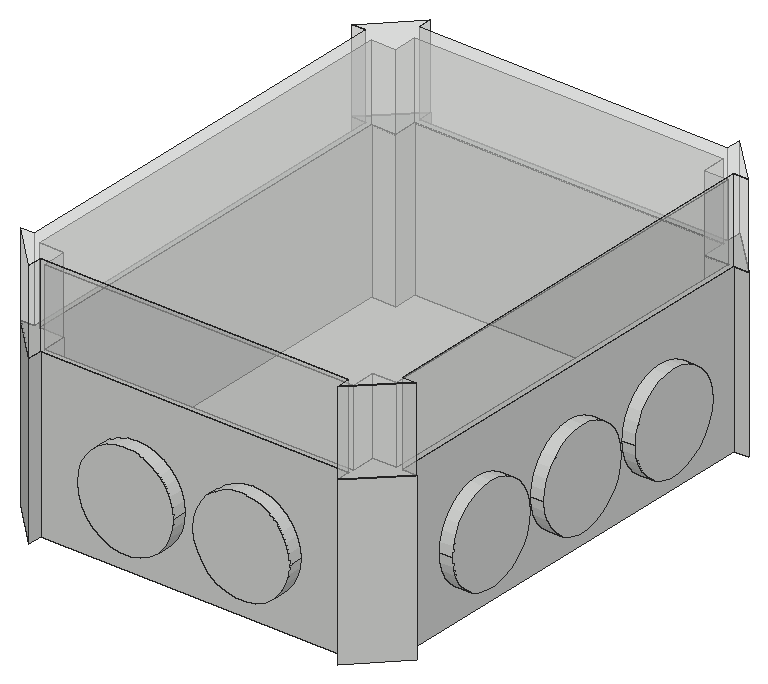
Revit family "PV Systemlösung Typ 1+2 für WR mit 1 MPP-Tracker", category Generic Models, Revit 2015
Parameters (values of type "VG-V25-BC3-PH900")
  Width = 150 mm
  URL = "http://www.obo-bettermann.com"
  Material 3 = OBO TPE
  Material 2 = PC
  Material = OBO PP
  Manufacturer Art.No. = "5088591"
  Manufacturer = "OBO Bettermann"
  Length = 190 mm
  Height 1 = 62.5 mm
  Height = 94 mm
  GTIN = "4012196423170"
  Diameter 1 = 30 mm
  Diameter = 36.4 mm
  Article Type = "VG-V25-BC3-PH900"
Reference planes
  plane 1 "Center (Front/Back)": y = 0
  plane 2: z = 0
  plane 3 "Center (Left/Right)": x = 0
  plane 4: z = 62.5
  plane 5: z = 94
  plane 6: y = -95
  plane 7: y = 95
  plane 8: x = 75
  plane 9: x = -75
  plane 10: z = 4.1
  plane 11: z = 91.3
Forms (mm)
  Extrusion 1, solid, material "OBO PP" <- "Material"
    sketch origin (0, 0, 0) x (1, 0, 0) y (0, 1, 0)
      loop
        line (-75, 78.4) -> (-69.6, 78.4) -> (-69.6, -78.4) -> (-75, -78.4) -> (-58.4, -95) -> (-58.4, -89.6) -> (58.4, -89.6) -> (58.4, -95) -> (75, -78.4) -> (69.6, -78.4) -> (69.6, 78.4) -> (75, 78.4) -> (58.4, 95) -> (58.4, 89.6) -> (-58.4, 89.6) -> (-58.4, 95) -> (-75, 78.4)
    from 0 to 62.5
  Extrusion 2, solid, material "PC" <- "Material 2"
    sketch origin (0, 0, 0) x (1, 0, 0) y (0, 1, 0)
      loop
        line (58.4, 89.6) -> (-58.4, 89.6) -> (-58.4, 95) -> (-75, 78.4) -> (-69.6, 78.4) -> (-69.6, -78.4) -> (-75, -78.4) -> (-58.4, -95) -> (-58.4, -89.6) -> (58.4, -89.6) -> (58.4, -95) -> (75, -78.4) -> (69.6, -78.4) -> (69.6, 78.4) -> (75, 78.4) -> (58.4, 95) -> (58.4, 89.6)
    from 62.5 to 94
  Extrusion 3, solid, material "OBO TPE" <- "Material 3"
    sketch origin (0, 0, 0) x (1, 0, 0) y (0, 0, 1)
      loop
        circle (-21.9, 27.2) r 18.2
      loop
        circle (21.9, 27.2) r 18.2
    from 89.6 to 95
  Extrusion 4, solid, material "OBO TPE" <- "Material 3"
    sketch origin (0, 0, 0) x (1, 0, 0) y (0, 0, 1)
      loop
        circle (21.9, 27.2) r 18.2
      loop
        circle (-21.9, 27.2) r 18.2
    from -95 to -89.6
  Extrusion 5, solid, material "OBO TPE" <- "Material 3"
    sketch origin (0, 0, 0) x (0, 1, 0) y (0, 0, 1)
      loop
        circle (0, 27.2) r 18.2
      loop
        circle (-43.2, 27.2) r 18.2
      loop
        circle (43.2, 27.2) r 18.2
    from 69.6 to 75
  Extrusion 6, solid, material "OBO TPE" <- "Material 3"
    sketch origin (0, 0, 0) x (0, 1, 0) y (0, 0, 1)
      loop
        circle (50.9, 27.2) r 15
      loop
        circle (16.9, 27.2) r 15
      loop
        circle (-16.9, 27.2) r 15
      loop
        circle (-50.9, 27.2) r 15
    from -75 to -69.6
  Extrusion 7, void
    sketch origin (0, 0, 0) x (1, 0, 0) y (0, 1, 0)
      loop
        line (-67.6, 78.4) -> (-67.6, -78.4) -> (-58.4, -78.4) -> (-58.4, -87.6) -> (58.4, -87.6) -> (58.4, -78.4) -> (67.6, -78.4) -> (67.6, 78.4) -> (58.4, 78.4) -> (58.4, 87.6) -> (-58.4, 87.6) -> (-58.4, 78.4) -> (-67.6, 78.4)
    from 4.1 to 91.3
Cuts and joins
  Extrusion 7 cuts Extrusion 1
  Extrusion 7 cuts Extrusion 2
Dimensions and locks
  "Height 1": plane 4 to level
  "Height": plane 5 to level
  "Width": Extrusion 1 sketch curve to Extrusion 1 sketch curve  (x2)
  equal spacing: Extrusion 1 sketch curve, plane 3 "Center (Left/Right)", Extrusion 1 sketch curve, locked at 75 each  (x2)
  "Length": Extrusion 1 sketch curve to Extrusion 1 sketch curve  (x2)
  equal spacing: Extrusion 1 sketch curve, plane 1 "Center (Front/Back)", Extrusion 1 sketch curve, locked at 95 each  (x2)
  locked: Extrusion 1 sketch curve to Extrusion 1 sketch curve at 5.4  (x4)
  locked: Extrusion 1 sketch curve to Extrusion 1 sketch curve at 116.8  (x2)
  equal spacing: Extrusion 1 sketch curve, plane 3 "Center (Left/Right)", Extrusion 1 sketch curve, locked at 58.4 each  (x2)
  locked: Extrusion 1 sketch curve to Extrusion 1 sketch curve at 156.8  (x2)
  equal spacing: Extrusion 1 sketch curve, plane 1 "Center (Front/Back)", Extrusion 1 sketch curve, locked at 78.4 each  (x2)
  locked: plane 3 "Center (Left/Right)" to Extrusion 3 sketch curve at 21.9
  locked: Extrusion 3 sketch curve to Extrusion 1 at 27.2  (x2)
  locked: Extrusion 3 sketch curve to plane 3 "Center (Left/Right)" at 21.9
  locked: plane 6 to plane 1 "Center (Front/Back)" at 95
  locked: plane 1 "Center (Front/Back)" to plane 7 at 95
  locked: Extrusion 1 to Extrusion 5 sketch curve at 27.2  (x2)
  locked: Extrusion 5 sketch curve to level at 27.2
  locked: plane 1 "Center (Front/Back)" to Extrusion 5 sketch curve at 43.2
  locked: Extrusion 5 sketch curve to plane 1 "Center (Front/Back)" at 43.2
  locked: plane 3 "Center (Left/Right)" to plane 8 at 75
  locked: Extrusion 1 to Extrusion 6 sketch curve at 27.2  (x4)
  locked: Extrusion 6 sketch curve to plane 1 "Center (Front/Back)" at 16.9
  locked: Extrusion 6 sketch curve to Extrusion 6 sketch curve at 34  (x2)
  locked: plane 1 "Center (Front/Back)" to Extrusion 6 sketch curve at 16.9
  locked: plane 9 to plane 3 "Center (Left/Right)" at 75
  locked: plane 5 to plane 11 at 2.7
  locked: plane 10 to level at 4.1
  locked: Extrusion 2 to Extrusion 7 sketch curve at 2  (x3)
  locked: Extrusion 7 sketch curve to Extrusion 2 at 2
  locked: Extrusion 7 sketch curve to Extrusion 7 sketch curve at 9.2  (x8)
  "Diameter": diameter of Extrusion 3 sketch curve  (x2)
  "Diameter": diameter of Extrusion 5 sketch curve  (x3)
  "Diameter 1": diameter of Extrusion 6 sketch curve  (x4)
  aligned and locked: level to plane 2
  aligned and locked: plane 4 to Extrusion 1
  aligned and locked: Extrusion 1 to level
  aligned and locked: Extrusion 2 sketch curve to Extrusion 1  (x16)
  aligned and locked: Extrusion 2 to Extrusion 1
  aligned and locked: plane 5 to Extrusion 2
  aligned and locked: Extrusion 3 to Extrusion 1
  aligned and locked: Extrusion 3 to plane 6
  aligned and locked: Extrusion 4 sketch curve to Extrusion 3  (x4)
  aligned and locked: plane 7 to Extrusion 4
  aligned and locked: Extrusion 4 to Extrusion 1
  aligned and locked: Extrusion 5 to Extrusion 1
  aligned and locked: plane 8 to Extrusion 5
  aligned and locked: Extrusion 6 to plane 9
  aligned and locked: Extrusion 6 to Extrusion 1
  aligned and locked: Extrusion 7 to plane 10
  aligned and locked: plane 11 to Extrusion 7
Automatic sketch dimensions
  Extrusion 5 sketch curve to plane 1 "Center (Front/Back)" = 0 mm
